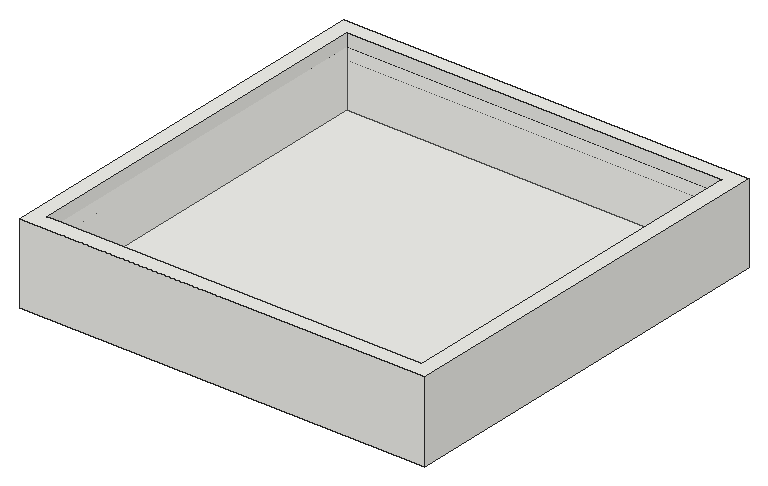
Revit family "23579f2d8d7e45c3a99c7c6403df06b9", category Lighting Fixtures, host Face, Revit 2021
Family settings
  Host = Face
  Round Connector Dimension = Use Diameter
  Part Type = Normal
  OmniClass Number = 23.80.70.11.14.11
  OmniClass Title = Downlights
  Cut with Voids When Loaded = No
  Light Source = Yes
  Shared = No
  Room Calculation Point = No
Parameters (values of type "18W Square")
  Width = 2' - 0"
  Wattage = 18 W
  built-in parameter 1150110 = 1 (stored number, unit not read)
  Voltage = 120 V
  built-in parameter 1114217 = 1 (stored number, unit not read)
  Tilt Angle = 90.00°
  built-in parameter 1150109 = 1 (stored number, unit not read)
  built-in parameter 1150134 = 3
  built-in parameter 1150113 = 1 (stored number, unit not read)
  Photometric Web File = "2ACLX2_20L.ies"
  Number of Poles = 1
  built-in parameter 1150105 = 212.77 (stored number, unit not read)
  Lumens = 2673.76 lm
  built-in parameter 1150115 = 1 (stored number, unit not read)
  Load Classification = Lighting - Dwelling Unit
  built-in parameter 1150137 = (empty or 0)
  built-in parameter 1150139 = (empty or 0)
  Shade Material = Metal - Paint Finish - Ivory, Glossy
  Length = 2' - 0"
  built-in parameter 1150112 = 1 (stored number, unit not read)
  built-in parameter 1150114 = 1 (stored number, unit not read)
  Lamp = "LED"
  built-in parameter 1150132 = (empty or 0)
  built-in parameter 1150102 = (empty or 0)
  built-in parameter 1150107 = 3200 (stored number, unit not read)
  built-in parameter 1150138 = (empty or 0)
  built-in parameter 1150106 = 2.1277 (stored number, unit not read)
  Emit from Rectangle Width = Length - 0' 0 3/4"  # 1' - 11 1/4"
  Emit from Rectangle Length = Width - 0' 0 3/4"  # 1' - 11 1/4"
  Emit Shape Visible in Rendering = no
  built-in parameter 1150104 = 13.8 (stored number, unit not read)
  Dimming Lamp Color Temperature Shift = <None>
  Diffuser Material = Glass - White, High Luminance
  Depth = 0' - 4 3/4"
  Default Elevation = 4' - 0"
  Color Filter = 16777215
  built-in parameter 1114218 = 1 (stored number, unit not read)
  built-in parameter 1150133 = 10 (stored number, unit not read)
  Apparent Load = 0 VA
Reference planes (in)
  plane 1 "Center (Front/Back)": y = 0
  plane 2: z = 0
  plane 3 "Center (Left/Right)": x = 0
  plane 4: x = -12
  plane 5: x = 12
  plane 6: y = 12
  plane 7: y = -12
  plane 8: x = -11.125
  plane 9: x = 11.125
  plane 10: y = 11.125
  plane 11: y = -11.125
  plane 12: z = 4.75
  plane 13: z = 0.67213
  plane 14: z = 3.33606
  plane 15: z = 4.04303
Forms (in)
  Extrusion 1, solid, material "Metal - Paint Finish - Ivory, Glossy" <- "Shade Material", detail levels medium+fine
    sketch origin (-145.375, 102.375, 0) x (1, 0, 0) y (0, 1, 0)
      loop
        line (140.0749, -94.22073) -> (140.0749, -110.52927) -> (150.6751, -110.52927) -> (150.6751, -94.22073) -> (140.0749, -94.22073)
    from 0 to -0.76165
  Extrusion 2, solid, material "Metal - Paint Finish - Ivory, Glossy" <- "Shade Material", detail levels medium+fine
    sketch origin (0, 0, 0) x (1, 0, 0) y (0, 1, 0)
      loop
        line (-12, 12) -> (-12, -12) -> (12, -12) -> (12, 12) -> (-12, 12)
    from 0 to 4.75
  Extrusion 3, void
    sketch origin (0, 0, 0) x (1, 0, 0) y (0, 1, 0)
      loop
        line (-11.125, 11.125) -> (-11.125, -11.125) -> (11.125, -11.125) -> (11.125, 11.125) -> (-11.125, 11.125)
    from 0.67213 to 4.75
  Extrusion 4, solid, material "Glass - White, High Luminance" <- "Diffuser Material", detail levels medium+fine
    sketch origin (0, 0, 0) x (1, 0, 0) y (0, 1, 0)
      loop
        line (-11.125, 11.125) -> (-11.125, -11.125) -> (11.125, -11.125) -> (11.125, 11.125) -> (-11.125, 11.125)
    from 3.33606 to 4.04303
Cuts and joins
  Extrusion 3 cuts Extrusion 2
Lines and regions (in)
  symbolic lines, detail levels coarse
    curve 1: line (-12, 12, 0) -> (12, 12, 0)
    curve 2: line (-12, -12, 0) -> (-12, 12, 0)
    curve 3: line (12, -12, 0) -> (-12, -12, 0)
    curve 4: line (12, 12, 0) -> (12, -12, 0)
Dimensions and locks (in)
  "Length": plane 4 to plane 5
  equal spacing: plane 4, plane 3 "Center (Left/Right)", plane 5
  "Width": plane 6 to plane 7
  equal spacing: plane 6, plane 1 "Center (Front/Back)", plane 7
  equal spacing: plane 10, plane 1 "Center (Front/Back)", plane 11
  equal spacing: plane 8, plane 3 "Center (Left/Right)", plane 9
  "Depth": plane 2 to plane 12
  equal spacing: plane 14, plane 15, plane 12
  locked: plane 4 to plane 8 at 0.875
  plane 9 to plane 5 = 0' - 0 7/8"
  locked: plane 6 to plane 10 at 0.875
  aligned and locked: plane 2 to Extrusion 1
  aligned and locked: level to Extrusion 1
  aligned and locked: Extrusion 2 sketch curve to plane 6
  aligned and locked: plane 4 to Extrusion 2 sketch curve
  aligned and locked: plane 7 to Extrusion 2 sketch curve
  aligned and locked: Extrusion 2 sketch curve to plane 5
  aligned and locked: Extrusion 2 to plane 2
  aligned and locked: plane 12 to Extrusion 2
  aligned and locked: Extrusion 3 sketch curve to plane 10
  aligned and locked: plane 8 to Extrusion 3 sketch curve
  aligned and locked: plane 11 to Extrusion 3 sketch curve
  aligned and locked: Extrusion 3 sketch curve to plane 9
  aligned and locked: cut or joined group of Extrusion 2, Extrusion 3 to plane 13
  aligned and locked: plane 12 to cut or joined group of Extrusion 2, Extrusion 3
  aligned and locked: Extrusion 4 sketch curve to cut or joined group of Extrusion 2, Extrusion 3  (x4)
  aligned and locked: Extrusion 4 to plane 14
  aligned and locked: plane 15 to Extrusion 4
  aligned and locked: imposter light to plane 14
  aligned and locked: plane 3 "Center (Left/Right)" to imposter light
  aligned and locked: curve 1 to plane 6
  aligned and locked: plane 4 to curve 2
  aligned and locked: plane 7 to curve 3
  aligned and locked: curve 4 to plane 5
Automatic sketch dimensions
  Extrusion 1 sketch curve to Extrusion 1 sketch curve = 1' - 4.30853"
  Extrusion 1 sketch curve to Extrusion 1 sketch curve = 0' - 10.60019"
Connectors (in)
  electrical at (0, 0, -0.76165), driven by "Load Classification", driven by "Voltage", driven by "Apparent Load"
    settings: on Extrusion 1, index 1, voltage 120 V, apparent load 0 VA, apparent load phase1 0 VA, apparent load phase2 0 VA, apparent load phase3 0 VA, power factor 0.95, load classification "Lighting - Dwelling Unit", number of poles 1, system type 31, power factor state 1, is connector primary yes, connector utility no, sub classification motor no, connector description ""
